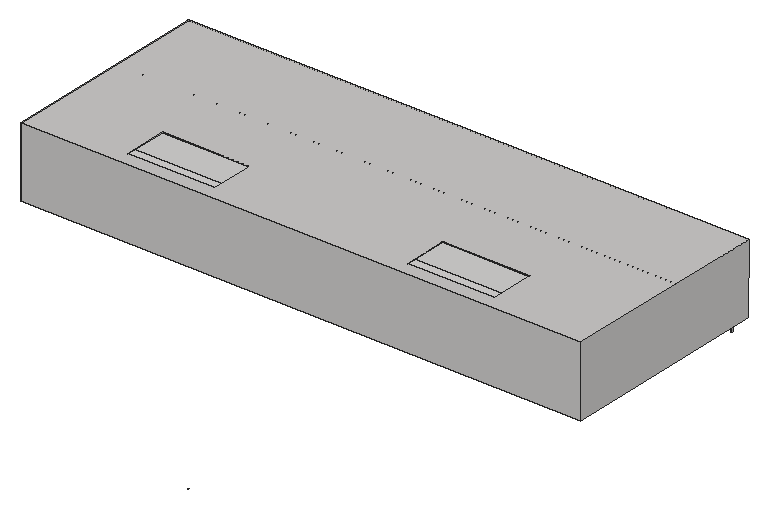
Revit family "QF_ELECTROLUXPROFESSIONAL_643325_DK1232", category Attrezzature speciali, Revit 2021
Family settings
  Quota connettore circolare = Usa diametro
  Tipo di parte = Normale
  Basato su piano di lavoro = No
  Sempre verticale = Sì
  Taglio con vuoti quando caricato = No
  Condiviso = No
  Punto di calcolo locali = No
Parameters (values of type "Standard")
  Weight = 81.00 kg
  Watts = 0 W
  Volts = 0 V
  URL Manufacturer = "https://www.electroluxprofessional.com/"
  URL = "https://www.electroluxprofessional.com/"
  Steam Supply Size = 0 mm
  Steam Supply Minimum Pressure = 0.0 Pa
  Steam Supply Maximum Pressure = 0.0 Pa
  Steam Consumption per Hour = 0
  Refrigeration Suction Line Size = 0 mm
  Refrigeration Liquid Line Size = 0 mm
  Refrigerant Compressor Remote = yes
  Prospetto di default = 0 mm
  Produttore = "Electrolux Professional"
  Phase = 0
  Modello = "DK1232"
  Length Actual = 3200 mm  # constant formula
  Item Number = "643325"
  Hot Water Size = 0 mm
  Height Actual = 400 mm  # constant formula
  HP = "0 HP"
  Gas Size = 0 mm
  Gas KW = 0
  Gas Input Pressure = 0 W
  Direct Waste Size = 0 mm
  Descrizione = "304 AISI S/S WALL HOOD FOR DW 320X120"
  Depth Actual = 1200 mm  # constant formula
  Cycle = 0 Hz
  Condensate Return Size = 0 mm
  Compressed Air Volume = 0.0 L/s
  Compressed Air Size = 0 mm
  Compressed Air Pressure = 0.0 Pa
  Cold Water Size = 0 mm
  Accessory = yes
Reference planes
  plane 1: z = 0
  plane 2 "Center (Left/Right)": x = 150
  plane 3 "LEFT": x = -1450
  plane 4 "RIGHT": x = 1750
  plane 5 "BACK": y = 550
  plane 6 "TOP": z = 2400
  plane 7 "Base": z = 2000
  plane 8: z = 1970
  plane 9 "DrainY": y = 450
  plane 10: x = -1447
  plane 11: y = -320
  plane 12: y = -570
  plane 13 "DrainX": x = 1737
  plane 14 "AOLeft2": x = -400
  plane 15 "AORight1": x = 700
  plane 16: x = 1747
  plane 17: x = -1250
  plane 18: x = 1550
  plane 19 "Center (Front/Back)": y = -50
  plane 20 "Front": y = -650
  plane 21: x = 50
  plane 22: x = 250
  plane 23 "AOLeft1": x = -900
  plane 24 "AORight2": x = 1200
Forms (mm)
  Extrusion 1, solid, material "QF_Finishes_Stainless Steel"
    sketch origin (-1450, 0, 360) x (0, 1, 0) y (0, 0, 1)
      loop
        line (550, 1640) -> (550, 2040) -> (-650, 2040) -> (-650, 1640) -> (550, 1640)
    from 0 to 3
  Extrusion 2, solid, material "QF_Finishes_Stainless Steel"
    sketch origin (1750, 0, 360) x (0, 1, 0) y (0, 0, 1)
      loop
        line (550, 1640) -> (550, 2040) -> (-650, 2040) -> (-650, 1640) -> (550, 1640)
    from 0 to -3
  Extrusion 3, solid, material "QF_Finishes_Stainless Steel"
    sketch origin (150, 0, 360) x (0, 1, 0) y (0, 0, 1)
      loop
        line (-650, 2040) -> (-650, 1640) -> (-640, 1640) -> (-640, 1640.8) -> (-649.2, 1640.8) -> (-649.2, 2039.19) -> (549.2, 2039.19) -> (549.2, 1640.8) -> (540, 1640.8) -> (540, 1640) -> (550, 1640) -> (550, 2040) -> (-650, 2040)
    from -1600 to 1600
  Extrusion 4, solid, material "QF_Finishes_Stainless Steel"
    sketch origin (0, 0, 2000) x (0, 1, 0) y (-1, 0, 0)
      loop
        circle (450, -1737) r 4.763
    from -30 to 0
  Extrusion 5, void
    sketch origin (0, 0, 2400) x (0, 1, 0) y (-1, 0, 0)
      loop
        line (-320, 400) -> (-320, 900) -> (-570, 900) -> (-570, 400) -> (-320, 400)
    from 0 to -10
  Extrusion 6, solid, material "QF_Finishes_Stainless Steel"
    sketch origin (0, 0, 0) x (1, 0, 0) y (0, 1, 0)
      loop
        line (-1450, 550) -> (-1450, 549) -> (-1449, 549) -> (-1449, 550) -> (-1450, 550)
    from 0 to 1
  Sweep 7, solid, material "QF_Finishes_Stainless Steel"
    path origin (0, 0, 0) x (1, 0, 0) y (0, 1, 0)
      loop
        line (1750, 550) -> (-1450, 550) -> (-1450, -650) -> (1750, -650) -> (1750, 550)
    profile origin (1750, -50, 0) x (1, 0, 0) y (0, 0, 1)
      loop
        line (-3, 2000) -> (-3, 2000.8) -> (-19, 2000.8) -> (-19, 2010) -> (-20, 2010) -> (-20, 2000) -> (-3, 2000)
  Extrusion 8, solid, material "QF_Finishes_Stainless Steel"
    sketch origin (150, 0, 0) x (0, 1, 0) y (0, 0, 1)
      loop
        line (35, 2399.19) -> (34.2, 2399.19) -> (34.2, 2329.838) -> (-320.309, 2254.485) -> (-614.003, 2066.672) -> (-614.003, 2000.8) -> (-613.203, 2000.8) -> (-613.203, 2066.234) -> (-320, 2253.732) -> (35, 2329.19) -> (35, 2399.19)
    from -1597 to 1597
  Extrusion 9, void
    sketch origin (1134.605, 0, 2400) x (0, 1, 0) y (-1, 0, 0)
      loop
        line (-320, -65.395) -> (-320, 434.605) -> (-570, 434.605) -> (-570, -65.395) -> (-320, -65.395)
    from 0 to -10
Cuts and joins
  Extrusion 5, Extrusion 9 cuts Extrusion 3
  joined: Extrusion 2, Extrusion 3, Sweep 7
Lines and regions (mm)
  symbolic lines, style "SpecialityEquipment", detail levels coarse
    curve 1: line (1750, 550, 2400) -> (-1450, 550, 2400)
    curve 2: line (-1450, 550, 2400) -> (-1450, -650, 2400)
    curve 3: line (1750, -650, 2400) -> (1750, 550, 2400)
    curve 4: line (-1450, 550, 0) -> (1750, -650, 0)
    curve 5: line (1750, 550, 0) -> (-1450, -650, 0)
    curve 6: line (-1450, -650, 0) -> (1750, -650, 0)
    curve 7: line (-400, -320, 0) -> (-900, -320, 0)
    curve 8: line (-400, -570, 0) -> (-400, -320, 0)
    curve 9: line (-900, -570, 0) -> (-400, -570, 0)
    curve 10: line (-900, -320, 0) -> (-900, -570, 0)
    curve 11: line (700, -320, 0) -> (700, -570, 0)
    curve 12: line (1200, -320, 0) -> (700, -320, 0)
    curve 13: line (1200, -570, 0) -> (1200, -320, 0)
    curve 14: line (700, -570, 0) -> (1200, -570, 0)
Dimensions and locks
  plane 3 "LEFT" to plane 4 "RIGHT" = 3200 mm
  equal spacing: plane 3 "LEFT", plane 2 "Center (Left/Right)", plane 4 "RIGHT"
  plane 7 "Base" to plane 8 = 30 mm
  plane 5 "BACK" to plane 9 "DrainY" = 100 mm  (x2)
  plane 3 "LEFT" to plane 10 = 3 mm
  plane 13 "DrainX" to plane 4 "RIGHT" = 13 mm
  plane 16 to plane 4 "RIGHT" = 3 mm
  plane 3 "LEFT" to plane 17 = 200 mm
  plane 18 to plane 4 "RIGHT" = 200 mm
  locked: plane 14 "AOLeft2" to plane 15 "AORight1" at 1100
  equal spacing: plane 14 "AOLeft2", plane 2 "Center (Left/Right)", plane 15 "AORight1"
  locked: plane 7 "Base" to level at 2000
  locked: plane 6 "TOP" to plane 7 "Base" at 400
  plane 5 "BACK" to plane 20 "Front" = 1200 mm  (x2)
  equal spacing: plane 5 "BACK", plane 19 "Center (Front/Back)", plane 20 "Front"
  locked: plane 21 to plane 22 at 200
  equal spacing: plane 21, plane 2 "Center (Left/Right)", plane 22
  plane 12 to plane 20 "Front" = 80 mm
  locked: plane 11 to plane 12 at 250
  locked: plane 23 "AOLeft1" to plane 14 "AOLeft2" at 500
  locked: plane 15 "AORight1" to plane 24 "AORight2" at 500
  aligned and locked: level to plane 1
  aligned and locked: plane 4 "RIGHT" to Extrusion 3
  aligned and locked: Extrusion 3 to plane 3 "LEFT"
  aligned and locked: Extrusion 5 to plane 12
  aligned and locked: Extrusion 5 to plane 11
  aligned and locked: Extrusion 2 to plane 16
  aligned and locked: Extrusion 8 to plane 10
  aligned and locked: plane 16 to Extrusion 8
  aligned and locked: Extrusion 5 to plane 23 "AOLeft1"
  aligned and locked: Extrusion 5 to plane 14 "AOLeft2"
  aligned and locked: plane 24 "AORight2" to Extrusion 9
  aligned and locked: plane 15 "AORight1" to Extrusion 9
Automatic sketch dimensions
  Extrusion 1 sketch curve to plane 7 "Base" = 0 mm
  Extrusion 1 sketch curve to plane 20 "Front" = 0 mm
  Extrusion 1 sketch curve to plane 5 "BACK" = 0 mm
  Extrusion 1 sketch curve to plane 6 "TOP" = 0 mm
  Extrusion 2 sketch curve to plane 7 "Base" = 0 mm
  Extrusion 2 sketch curve to plane 20 "Front" = 0 mm
  Extrusion 2 sketch curve to plane 5 "BACK" = 0 mm
  Extrusion 2 sketch curve to plane 6 "TOP" = 0 mm
  Extrusion 3 sketch curve to plane 6 "TOP" = 0 mm
  Extrusion 3 sketch curve to plane 20 "Front" = 0 mm
  Extrusion 3 sketch curve to plane 7 "Base" = 0 mm  (x2)
  Extrusion 3 sketch curve to plane 5 "BACK" = 0 mm
  plane 20 "Front" to Extrusion 3 sketch curve = 0.8 mm
  Extrusion 3 sketch curve to Extrusion 3 sketch curve = 9.2 mm
  plane 7 "Base" to Extrusion 3 sketch curve = 0.8 mm  (x2)
  Extrusion 3 sketch curve to plane 5 "BACK" = 10 mm
  Extrusion 3 sketch curve to plane 5 "BACK" = 0.8 mm
  Extrusion 3 sketch curve to plane 6 "TOP" = 0.81 mm
  Extrusion 4 sketch curve to plane 9 "DrainY" = 0 mm
  Extrusion 4 sketch curve to plane 13 "DrainX" = 0 mm
  Extrusion 5 sketch curve to plane 12 = 0 mm
  plane 11 to Extrusion 5 sketch curve = 0 mm
  Extrusion 5 sketch curve to plane 14 "AOLeft2" = 0 mm
  Extrusion 5 sketch curve to plane 23 "AOLeft1" = 0 mm
  Extrusion 6 sketch curve to plane 3 "LEFT" = 0 mm
  Extrusion 6 sketch curve to plane 5 "BACK" = 0 mm
  plane 3 "LEFT" to Extrusion 6 sketch curve = 1 mm
  Extrusion 6 sketch curve to Extrusion 6 sketch curve = 1 mm
  Sweep 7 sketch curve to plane 3 "LEFT" = 0 mm
  Sweep 7 sketch curve to plane 4 "RIGHT" = 0 mm
  Sweep 7 sketch curve to plane 20 "Front" = 0 mm
  Sweep 7 sketch curve to plane 5 "BACK" = 0 mm
  profile plane to Sweep 7 sketch curve = 20 mm
  Sweep 7 sketch curve to Sweep 7 sketch curve = 1 mm
  profile plane to Sweep 7 sketch curve = 3 mm
  level to Sweep 7 sketch curve = 2000 mm
  Sweep 7 sketch curve to Sweep 7 sketch curve = 0.8 mm
  Sweep 7 sketch curve to Sweep 7 sketch curve = 9.2 mm
  Extrusion 9 sketch curve to plane 12 = 0 mm
  plane 11 to Extrusion 9 sketch curve = 0 mm
  Extrusion 9 sketch curve to plane 15 "AORight1" = 500 mm
  plane 22 to Extrusion 9 sketch curve = 450 mm
  curve 5 to plane 3 "LEFT" = 0 mm
  curve 4 to plane 3 "LEFT" = 0 mm
  curve 6 to plane 20 "Front" = 0 mm
  curve 5 to plane 4 "RIGHT" = 0 mm
  curve 6 to plane 4 "RIGHT" = 0 mm
  curve 5 to plane 5 "BACK" = 0 mm
  curve 4 to plane 5 "BACK" = 0 mm
  curve 2 to plane 3 "LEFT" = 0 mm
  curve 2 to plane 20 "Front" = 0 mm
  curve 3 to plane 4 "RIGHT" = 0 mm
  curve 3 to plane 20 "Front" = 0 mm
  curve 2 to plane 5 "BACK" = 0 mm
  plane 11 to curve 7 = 0 mm
  curve 7 to plane 23 "AOLeft1" = 0 mm
  curve 8 to plane 12 = 0 mm
  curve 8 to plane 14 "AOLeft2" = 0 mm
  plane 11 to curve 11 = 0 mm
  curve 11 to plane 15 "AORight1" = 0 mm
  curve 12 to plane 24 "AORight2" = 0 mm
  curve 13 to plane 12 = 0 mm
  Extrusion 8 sketch curve to plane 11 = 0 mm
  plane 11 to Extrusion 8 sketch curve = 0.309 mm
  plane 7 "Base" to Extrusion 8 sketch curve = 0.8 mm
  plane 20 "Front" to Extrusion 8 sketch curve = 36.797 mm
  Extrusion 8 sketch curve to Extrusion 8 sketch curve = 0.8 mm  (x2)
  plane 19 "Center (Front/Back)" to Extrusion 8 sketch curve = 84.2 mm
  Extrusion 8 sketch curve to Extrusion 8 sketch curve = 65.434 mm
  Extrusion 8 sketch curve to plane 6 "TOP" = 146.268 mm
  Extrusion 8 sketch curve to Extrusion 8 sketch curve = 0.752 mm
  Extrusion 8 sketch curve to plane 6 "TOP" = 70.81 mm
  Extrusion 8 sketch curve to Extrusion 8 sketch curve = 0.648 mm
  Extrusion 8 sketch curve to Extrusion 8 sketch curve = 0.438 mm
  Extrusion 8 sketch curve to plane 6 "TOP" = 0.81 mm
  radius of Extrusion 4 sketch curve = 4.763 mm
Connectors
  piping at (1737, 450, 1970), diameter 9.5
    settings: on Extrusion 4, index 1, connector inside diameter 609.6 mm, connector length 0 mm, flow factor 0, pipe flow 0.0 L/s, pressure drop 0.0 Pa, fitting loss kfactor 0, connector angle 0.00°, fixture units 0, engagement length 0 mm, angle of deflection 0.00°, flow configuration 1, flow direction 2, fitting loss method 0, system type 16, joint type 0, gender type 0, connector reference index -1, connector utility 0, adjustable connector no, is connector primary yes, connector description "Drain"
  hvac at (-650, -445, 2400)
    settings: on Extrusion 5, index 2, duct flow 0.0 L/s, flow factor 0, pres drop 0.0 Pa, loss coef 0, conn angle 0.00°, conn width 250 mm, conn height 500 mm, conn diameter 609.6 mm, duct sys type 3, conn prof type 1, flow config 1, flow direction 2, loss method 0, conn ref index -1, conn util no, is conn primary yes, conn desc "EXHAUST OUTLET"
  hvac at (950, -445, 2400)
    settings: on Extrusion 9, index 3, duct flow 0.0 L/s, flow factor 0, pres drop 0.0 Pa, loss coef 0, conn angle 0.00°, conn width 250 mm, conn height 500 mm, conn diameter 609.6 mm, duct sys type 3, conn prof type 1, flow config 1, flow direction 2, loss method 0, conn ref index -1, conn util no, is conn primary no, conn desc "EXHAUST OUTLET"
